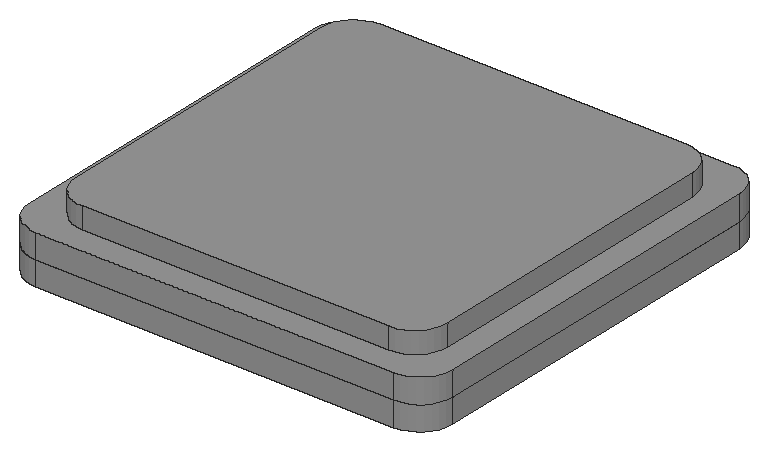
Revit family "FMS2_63_UN_Surface-mounted_ETK", category Lighting Fixtures, Revit 2019 (continued)
Definition of nested family "FMS.2 - Lightsource"
  Types (14, lengths in mm): name | Wattage Comments | Wattage | built-in parameter 1150134 | Photometric Web File | built-in parameter 1150142 | built-in parameter 1150105 | Lumens | built-in parameter 1150107 | built-in parameter 1150106 | Apparent Load
      738\t70.73\t67.599\r\n64.4551\t61.3241\t58.206\t53.8559\t47.3886\t40.9212\t34.4668\t27.9994\t21.5449\t15.0776\r\n8.6193\t2.1596\t0\t0\t0\t0\t0\t0\t0\t0\r\n0\r\n473.6291\t473.2442\t472.8592\t472.4742\t472.0893\t471.7043\t471.3194\t470.9344\t470.5494\t470.1645\r\n469.6512\t469.1379\t468.6246\t468.1114\t467.5981\t466.9565\t466.4432\t465.8016\t465.2883\t464.6467\r\n464.0051\t463.3635\t462.7219\t462.0803\t461.4387\t460.1555\t458.6157\t457.0758\t455.4077\t453.7395\r\n452.1997\t450.5315\t448.8634\t447.1952\t445.527\t443.8589\t442.1907\t440.3942\t438.7261\t436.9296\r\n435.1331\t433.3366\t431.5402\t429.872\t428.0755\t426.279\t424.4826\t422.6861\t420.7613\t418.1949\r\n415.6285\t412.9338\t410.3674\t407.801\t405.2346\t402.6682\t399.9734\t397.407\t394.8406\t392.2742\r\n389.7078\t387.1414\t384.4467\t381.8803\t379.3139\t376.7475\t374.0528\t371.4864\t368.92\t366.3536\r\n363.6589\t360.7075\t357.4995\t354.4198\t351.2118\t348.0038\t344.7958\t341.5878\t338.3798\t335.3002\r\n332.0922\t329.0125\t325.8045\t322.7248\t319.5168\t316.4371\t313.3574\t310.1494\t307.0698\t303.8618\r\n300.6538\t297.5741\t294.2378\t290.7731\t287.4368\t283.9722\t280.6358\t277.1712\t273.8349\t270.3702\r\n266.9056\t263.5693\t260.1046\t256.7683\t253.3037\t249.9674\t246.631\t243.2947\t239.9584\t236.6221\r\n233.2858\t229.9494\t226.3565\t222.7635\t219.2989\t215.7059\t212.113\t208.6483\t205.0554\t201.5907\r\n197.9978\t194.5331\t191.0685\t187.4755\t184.0109\t180.5462\t176.9533\t173.4886\t170.024\t166.5594\r\n163.0947\t159.6301\t156.1654\t152.7008\t149.2362\t145.7715\t142.3069\t138.8422\t135.3776\t131.913\r\n128.4483\t125.0735\t121.6602\t118.2469\t114.8336\t111.4331\t108.0326\t104.6963\t101.5396\t98.3958\r\n95.2648\t92.1338\t89.0156\t85.8846\t82.7792\t79.6611\t76.5557\t73.4504\t70.3579\t67.2653\r\n64.1728\t61.0932\t58.0135\t54.9338\t50.3784\t43.9239\t37.4566\t31.0021\t24.5476\t18.0931\r\n11.6309\t5.1751\t0\t0\t0\t0\t0\t0\t0\t0\r\n0\r\n473.6291\t473.3725\t472.9875\t472.6026\t472.2176\t471.8326\t471.4477\t470.9344\t470.5494\t470.1645\r\n469.6512\t469.1379\t468.4963\t467.983\t467.3414\t466.8282\t466.1866\t465.545\t464.9034\t464.2618\r\n463.6202\t462.9786\t462.337\t461.567\t460.7971\t460.0272\t459.129\t457.4608\t455.7926\t454.1245\r\n452.4563\t450.9165\t449.12\t447.3235\t445.6554\t443.8589\t442.0624\t440.2659\t438.4694\t436.673\r\n434.8765\t433.08\t431.1552\t429.1021\t427.1773\t425.2525\t423.3277\t421.4029\t419.3498\t417.425\r\n415.3718\t413.3187\t410.7523\t408.0576\t405.4912\t402.7965\t400.1018\t397.407\t394.7123\t392.0176\r\n389.3229\t386.6282\t383.9334\t381.2387\t378.6723\t375.9776\t373.1546\t370.4598\t367.7651\t365.0704\r\n362.3757\t359.681\t356.9862\t354.1632\t351.4685\t348.2605\t345.0525\t341.8445\t338.6365\t335.4285\r\n332.2205\t328.8842\t325.6762\t322.4682\t319.2602\t315.9238\t312.7158\t309.5078\t306.1715\t302.9635\r\n299.7555\t296.5475\t293.3395\t290.2598\t287.1802\t283.9722\t280.5075\t277.0429\t273.5782\t270.1136\r\n266.5206\t263.056\t259.5914\t256.255\t252.7904\t249.4541\t245.9894\t242.5248\t239.1885\t235.8522\r\n232.3875\t229.0512\t225.7149\t222.3786\t219.1706\t215.7059\t212.113\t208.52\t204.927\t201.3341\r\n197.7411\t194.1482\t190.5552\t187.0906\t183.4976\t180.033\t176.5683\t172.9754\t169.5107\t166.0461\r\n162.5814\t159.1168\t155.6522\t152.1875\t148.7229\t145.2582\t141.7936\t138.329\t134.8643\t131.3997\r\n127.9607\t124.5474\t121.1341\t117.7336\t114.3331\t110.9583\t107.5835\t104.2215\t100.8595\t97.5489\r\n94.4435\t91.3382\t88.2585\t85.1788\t82.0991\t79.0323\t75.9783\t72.9243\t69.8702\t66.8291\r\n63.7879\t60.7595\t57.7312\t54.7156\t51.7001\t47.3501\t40.8956\t34.4283\t27.9738\t21.5064\r\n15.0519\t8.5974\t2.1404\t0\t0\t0\t0\t0\t0\t0\r\n0\r\n473.6291\t473.3725\t472.9875\t472.6026\t472.2176\t471.8326\t471.4477\t471.0627\t470.6778\t470.1645\r\n469.5229\t469.0096\t468.4963\t467.8547\t467.3414\t466.6998\t466.0582\t465.4166\t464.6467\t464.0051\r\n463.2352\t462.4653\t461.6954\t460.9254\t460.0272\t459.129\t458.2307\t457.3325\t456.4342\t454.7661\r\n452.9696\t451.1731\t449.3766\t447.5802\t445.7837\t443.9872\t442.1907\t440.3942\t438.4694\t436.4163\r\n434.4915\t432.4384\t430.5136\t428.4605\t426.5357\t424.4826\t422.4294\t420.5046\t418.4515\t416.3984\r\n414.217\t412.1638\t409.9824\t407.801\t405.6195\t403.0531\t400.3584\t397.6637\t394.8406\t392.1459\r\n389.4512\t386.7565\t383.8051\t380.9821\t378.159\t375.336\t372.513\t369.6899\t366.9952\t364.1722\r\n361.4774\t358.6544\t355.8314\t353.0083\t350.1853\t347.3622\t344.5392\t341.7162\t338.8931\t335.8134\r\n332.4771\t329.1408\t325.8045\t322.4682\t319.1318\t315.7955\t312.4592\t309.1229\t305.7866\t302.5786\r\n299.2422\t295.9059\t292.6979\t289.3616\t286.1536\t282.8173\t279.6093\t276.273\t273.065\t269.7286\r\n266.3923\t262.9277\t259.3347\t255.8701\t252.4054\t248.9408\t245.4762\t242.0115\t238.6752\t235.2106\r\n231.7459\t228.2813\t224.8166\t221.352\t218.0157\t214.551\t211.2147\t207.8784\t204.5421\t201.0774\r\n197.4845\t194.0198\t190.2986\t186.7056\t183.1126\t179.648\t176.055\t172.4621\t168.8691\t165.4045\r\n161.8115\t158.3469\t154.8822\t151.4176\t147.953\t144.4883\t141.152\t137.6874\t134.2227\t130.7581\r\n127.3319\t123.9315\t120.531\t117.1433\t113.7428\t110.3552\t106.9932\t103.6184\t100.2692\t96.9201\r\n93.5838\t90.2603\t87.1678\t84.1394\t81.1111\t78.0956\t75.0929\t72.0902\t69.1132\t66.149\r\n63.1976\t60.2462\t57.3077\t54.3692\t51.4435\t48.5306\t44.8478\t38.3677\t31.8747\t25.3945\r\n18.9144\t12.4393\t5.9605\t0\t0\t0\t0\t0\t0\t0\r\n0\r\n473.6291\t473.3725\t472.9875\t472.6026\t472.3459\t471.961\t471.576\t471.0627\t470.6778\t470.1645\r\n469.5229\t469.0096\t468.368\t467.8547\t467.2131\t466.5715\t465.9299\t465.16\t464.5184\t463.7485\r\n462.8502\t462.0803\t461.1821\t460.1555\t459.2573\t458.359\t457.4608\t456.4342\t455.4077\t454.2528\r\n453.0979\t451.8147\t450.0182\t448.2218\t446.4253\t444.5005\t442.4474\t440.3942\t438.4694\t436.4163\r\n434.4915\t432.4384\t430.3853\t428.3322\t426.279\t424.2259\t422.0445\t419.863\t417.6816\t415.3718\r\n413.1904\t411.009\t408.6992\t406.5178\t404.208\t402.0266\t399.8451\t397.407\t394.969\t392.6592\r\n389.7078\t386.8848\t383.9334\t381.1104\t378.2874\t375.336\t372.513\t369.5616\t366.6102\t363.6589\r\n360.7075\t357.7562\t354.8048\t351.9818\t349.0304\t346.2074\t343.256\t340.1763\t337.225\t334.2736\r\n331.4506\t328.4992\t325.5478\t322.5965\t319.6451\t316.1805\t312.7158\t309.3795\t305.9149\t302.4502\r\n299.1139\t295.6493\t292.1846\t288.8483\t285.3837\t282.0474\t278.8394\t275.503\t272.0384\t268.7021\r\n265.3658\t262.0294\t258.8214\t255.4851\t252.1488\t248.8125\t245.2195\t241.6266\t238.1619\t234.6973\r\n231.1043\t227.6397\t224.0467\t220.5821\t217.1174\t213.6528\t210.1882\t206.8518\t203.3872\t200.0509\r\n196.5862\t193.2499\t189.9136\t186.5773\t182.9843\t179.3914\t175.7984\t172.0771\t168.4842\t164.8912\r\n161.2982\t157.8336\t154.2406\t150.776\t147.183\t143.7184\t140.2538\t136.7891\t133.3245\t129.9882\r\n126.5364\t123.1102\t119.7097\t116.3221\t112.9473\t109.5724\t106.2233\t102.8741\t99.5378\t96.2143\r\n92.9165\t89.6187\t86.3465\t83.1\t79.9562\t77.0177\t74.092\t71.1791\t68.2791\t65.379\r\n62.4918\t59.6175\t56.7559\t53.8944\t51.0457\t48.2098\t45.3868\t42.5637\t36.2889\t29.7574\r\n23.2388\t16.7201\t10.1937\t3.67\t0\t0\t0\t0\t0\t0\r\n0\r\n473.6291\t473.3725\t472.9875\t472.7309\t472.3459\t471.961\t471.576\t471.191\t470.6778\t470.1645\r\n469.6512\t469.0096\t468.4963\t467.8547\t467.2131\t466.5715\t465.8016\t465.0317\t464.2618\t463.4918\r\n462.5936\t461.567\t460.6688\t459.6422\t458.744\t457.7174\t456.6909\t455.536\t454.3811\t453.0979\r\n451.943\t450.7882\t449.6333\t448.2218\t446.8102\t444.8854\t442.9606\t440.9075\t438.9827\t437.0579\r\n434.8765\t432.8234\t430.6419\t428.4605\t426.279\t424.0976\t421.9162\t419.6064\t417.2966\t414.9869\r\n412.6771\t410.3674\t408.0576\t405.7478\t403.3098\t400.8717\t398.4336\t395.9955\t393.4291\t390.991\r\n388.553\t386.1149\t383.6768\t381.1104\t378.4157\t375.721\t372.7696\t369.6899\t366.7386\t363.7872\r\n360.8358\t357.7562\t354.5482\t351.4685\t348.5171\t345.4374\t342.3578\t339.2781\t336.1984\t333.1187\r\n330.039\t326.9594\t323.8797\t320.8\t317.7203\t314.6406\t311.561\t308.6096\t305.5299\t302.4502\r\n299.3706\t296.0342\t292.4413\t289.105\t285.6403\t282.1757\t278.711\t275.1181\t271.6534\t268.1888\r\n264.7242\t261.2595\t257.7949\t254.4586\t250.9939\t247.5293\t244.193\t240.8566\t237.392\t234.0557\r\n230.7194\t227.383\t223.9184\t220.3254\t216.7325\t213.1395\t209.5466\t206.0819\t202.6173\t199.1526\r\n195.5597\t192.2234\t188.7587\t185.2941\t181.8294\t178.3648\t174.9002\t171.5638\t168.2275\t164.7629\r\n161.1699\t157.577\t153.984\t150.391\t146.7981\t143.3334\t139.7405\t136.2758\t132.6829\t129.2182\r\n125.8049\t122.3916\t119.004\t115.6163\t112.2287\t108.8539\t105.5047\t102.1684\t98.8706\t95.5856\r\n92.3262\t89.0797\t85.8461\t82.6381\t79.4301\t76.2606\t73.0911\t70.1269\t67.291\t64.468\r\n61.6578\t58.8604\t56.0758\t53.3041\t50.5581\t47.812\t45.066\t42.3456\t39.6252\t34.7619\r\n28.1534\t21.5321\t14.9236\t8.301\t1.6836\t0\t0\t0\t0\t0\r\n0\r\n473.6291\t473.3725\t473.1158\t472.7309\t472.4742\t472.0893\t471.7043\t471.3194\t470.8061\t470.1645\r\n469.6512\t469.1379\t468.4963\t467.8547\t467.2131\t466.4432\t465.8016\t464.9034\t464.1334\t463.2352\r\n462.2086\t461.3104\t460.2838\t459.3856\t458.2307\t457.2042\t456.0493\t454.7661\t453.4829\t452.328\r\n451.1731\t449.7616\t448.2218\t446.8102\t445.3987\t443.9872\t442.5757\t441.1642\t439.496\t437.8278\r\n435.6464\t433.465\t431.2835\t429.1021\t426.9206\t424.4826\t422.1728\t419.7347\t417.425\t415.1152\r\n412.6771\t410.3674\t407.801\t405.3629\t402.7965\t400.3584\t397.792\t395.2256\t392.7875\t390.0928\r\n387.3981\t384.7034\t382.137\t379.4422\t376.8758\t374.3094\t371.6147\t368.7917\t365.9686\t363.2739\r\n360.5792\t357.8845\t355.0614\t351.9818\t348.7738\t345.5658\t342.2294\t339.0214\t335.8134\t332.7338\r\n329.5258\t326.3178\t323.1098\t319.9018\t316.5654\t313.3574\t310.1494\t307.0698\t303.8618\t300.6538\r\n297.4458\t294.2378\t291.1581\t287.9501\t284.7421\t281.5341\t278.4544\t275.2464\t272.1667\t268.5738\r\n264.9808\t261.5162\t257.9232\t254.4586\t250.8656\t247.2726\t243.6797\t240.215\t236.6221\t233.1574\r\n229.6928\t226.2282\t222.8918\t219.4272\t215.9626\t212.4979\t209.0333\t205.697\t202.3606\t198.7677\r\n195.0464\t191.4534\t187.8605\t184.3958\t180.8029\t177.3382\t173.8736\t170.2806\t166.816\t163.3514\r\n160.015\t156.5504\t153.2141\t149.8778\t146.5414\t142.9485\t139.3555\t135.8909\t132.2979\t128.705\r\n125.2403\t121.7628\t118.2982\t114.8464\t111.4203\t108.0198\t104.645\t101.3215\t98.0493\t94.8028\r\n91.582\t88.3868\t85.1788\t82.0093\t78.8526\t75.7345\t72.642\t69.5623\t66.5083\t63.4671\r\n60.6184\t57.8723\t55.1648\t52.47\t49.7882\t47.1319\t44.5014\t41.8708\t39.2531\t36.6482\r\n33.7353\t26.9729\t20.2232\t13.4608\t6.6996\t0\t0\t0\t0\t0\r\n0\r\n473.6291\t473.3725\t473.1158\t472.8592\t472.4742\t472.2176\t471.8326\t471.4477\t470.8061\t470.2928\r\n469.7795\t469.2662\t468.6246\t467.983\t467.3414\t466.5715\t465.8016\t464.9034\t464.0051\t463.1069\r\n462.0803\t461.0538\t460.1555\t459.0006\t457.9741\t456.6909\t455.4077\t454.1245\t452.9696\t451.6864\r\n450.1466\t448.735\t447.1952\t445.7837\t444.3722\t442.8323\t441.2925\t439.6243\t437.8278\t436.1597\r\n434.4915\t432.8234\t431.0269\t429.1021\t427.1773\t425.2525\t423.071\t420.633\t418.3232\t415.8851\r\n413.3187\t410.8806\t408.3142\t405.7478\t403.1814\t400.615\t397.9203\t395.0973\t392.4026\t389.7078\r\n387.1414\t384.3184\t381.6237\t378.929\t376.1059\t373.2829\t370.4598\t367.7651\t364.8138\t361.9907\r\n359.0394\t356.088\t353.1366\t350.1853\t347.3622\t344.4109\t341.4595\t338.5082\t335.4285\t332.4771\r\n329.5258\t326.5744\t323.3664\t319.9018\t316.6938\t313.3574\t310.0211\t306.6848\t303.3485\t299.8838\r\n296.5475\t293.2112\t289.8749\t286.6669\t283.2022\t279.8659\t276.6579\t273.3216\t270.1136\t266.649\r\n263.3126\t260.1046\t256.8966\t253.6886\t250.3523\t247.2726\t243.9363\t240.6\t237.1354\t233.5424\r\n229.8211\t226.2282\t222.6352\t218.9139\t215.321\t211.8563\t208.2634\t204.6704\t201.0774\t197.6128\r\n194.0198\t190.5552\t187.0906\t183.7542\t180.2896\t176.6966\t173.232\t169.639\t166.0461\t162.4531\r\n158.9885\t155.5238\t152.0592\t148.5946\t145.1299\t141.6653\t138.329\t134.8643\t131.528\t128.1788\r\n124.7912\t121.4036\t117.7978\t114.3331\t110.9198\t107.5193\t104.1317\t100.7569\t97.4077\t94.0842\r\n90.7992\t87.5399\t84.3191\t81.1496\t78.0442\t74.9517\t71.8849\t68.8565\t65.841\t62.864\r\n59.9254\t57.0254\t54.1639\t51.4435\t48.8643\t46.3107\t43.77\t41.242\t38.7398\t36.2504\r\n33.7738\t31.2972\t26.4596\t19.4405\t12.4111\t5.3817\t0\t0\t0\t0\r\n0\r\n473.6291\t473.3725\t473.1158\t472.8592\t472.6026\t472.3459\t471.961\t471.4477\t470.9344\t470.4211\r\n469.9078\t469.3946\t468.753\t468.1114\t467.4698\t466.6998\t465.8016\t465.0317\t464.0051\t463.1069\r\n462.0803\t461.0538\t460.0272\t459.0006\t457.7174\t456.4342\t455.151\t453.8678\t452.5846\t451.0448\r\n449.6333\t448.0934\t446.6819\t445.1421\t443.6022\t441.9341\t440.1376\t438.4694\t436.8013\t435.0048\r\n433.2083\t431.2835\t429.3587\t427.4339\t425.3808\t423.456\t421.4029\t419.4781\t417.2966\t415.2435\r\n413.0621\t410.8806\t408.6992\t406.3894\t404.0797\t401.385\t398.6902\t395.9955\t393.3008\t390.4778\r\n387.6547\t384.8317\t382.137\t379.3139\t376.4909\t373.5395\t370.5882\t367.6368\t364.5571\t361.6058\r\n358.6544\t355.703\t352.6234\t349.5437\t346.464\t343.256\t340.1763\t337.225\t334.017\t330.9373\r\n327.8576\t324.7779\t321.6982\t318.4902\t315.4106\t312.0742\t308.8662\t305.6582\t302.5786\t299.4989\r\n296.2909\t292.9546\t289.8749\t286.6669\t283.3306\t279.7376\t276.273\t272.9366\t269.472\t266.0074\r\n262.5427\t259.0781\t255.6134\t252.1488\t248.8125\t245.3478\t241.8832\t238.4186\t234.9539\t231.6176\r\n228.2813\t224.945\t221.4803\t218.144\t214.8077\t211.4714\t208.135\t204.7987\t201.4624\t198.1261\r\n194.4048\t190.6835\t186.9622\t183.3693\t179.648\t176.1834\t172.5904\t168.9974\t165.4045\t161.9398\r\n158.2186\t154.6256\t151.161\t147.6963\t144.36\t140.8954\t137.559\t133.9661\t130.3731\t126.9341\r\n123.4695\t119.992\t116.5402\t113.1269\t109.8548\t106.6211\t103.4516\t100.2821\t97.1511\t93.7506\r\n90.3629\t86.9881\t83.6903\t80.4438\t77.2358\t74.092\t70.9995\t67.9711\t65.0069\t62.094\r\n59.2197\t56.3838\t53.5864\t50.8147\t48.0815\t45.3868\t42.7691\t40.331\t37.9314\t35.5575\r\n33.2092\t30.8866\t28.564\t26.2671\t19.2993\t11.8029\t4.2987\t0\t0\t0\r\n0\r\n473.6291\t473.5008\t473.2442\t472.9875\t472.7309\t472.4742\t472.0893\t471.7043\t471.191\t470.6778\r\n470.1645\t469.5229\t469.0096\t468.368\t467.5981\t466.8282\t466.0582\t465.16\t464.1334\t463.2352\r\n462.2086\t461.1821\t460.1555\t459.0006\t457.7174\t456.3059\t455.0227\t453.8678\t452.328\t450.9165\r\n449.3766\t447.8368\t446.297\t444.7571\t443.089\t441.4208\t439.6243\t437.8278\t436.0314\t434.2349\r\n432.3101\t430.257\t428.3322\t426.279\t424.2259\t422.1728\t420.1197\t417.9382\t415.7568\t413.447\r\n411.2656\t408.9558\t406.6461\t404.208\t401.7699\t399.3318\t397.0221\t394.4557\t391.8893\t389.4512\r\n386.8848\t384.4467\t381.8803\t379.1856\t376.4909\t373.7962\t370.9731\t368.2784\t365.712\t362.889\r\n359.681\t356.6013\t353.3933\t350.1853\t346.9773\t343.8976\t340.6896\t337.4816\t334.2736\t331.1939\r\n327.9859\t324.7779\t321.4416\t318.1053\t314.769\t311.561\t308.353\t305.0166\t301.6803\t298.344\r\n295.0077\t291.6714\t288.335\t284.9987\t281.6624\t278.3261\t274.9898\t271.6534\t268.3171\t264.9808\r\n261.7728\t258.3082\t254.8435\t251.3789\t248.0426\t244.7062\t241.4982\t238.1619\t234.6973\t231.1043\r\n227.6397\t224.3034\t220.7104\t217.1174\t213.5245\t209.9315\t206.3386\t202.8739\t199.5376\t195.9446\r\n192.48\t189.0154\t185.5507\t182.0861\t178.4931\t175.0285\t171.5638\t168.2275\t164.8912\t161.5549\r\n158.2186\t154.8822\t151.4176\t147.6963\t143.8467\t140.1254\t136.6608\t133.1962\t129.7315\t126.1771\r\n122.6483\t119.1195\t115.6676\t112.2928\t108.9565\t105.633\t102.2967\t98.8834\t95.4957\t92.1466\r\n88.8359\t85.6151\t82.4713\t79.3659\t76.2862\t73.2579\t70.191\t67.1242\t64.1087\t61.1573\r\n58.2701\t55.4599\t52.6882\t49.9806\t47.3116\t44.681\t42.1146\t39.5867\t37.1101\t34.6977\r\n32.4136\t30.1809\t27.9994\t25.8308\t23.7007\t20.1847\t11.8106\t3.4133\t0\t0\r\n0\r\n473.6291\t473.5008\t473.2442\t473.1158\t472.8592\t472.6026\t472.3459\t471.8326\t471.3194\t470.8061\r\n470.4211\t469.7795\t469.2662\t468.6246\t467.8547\t467.0848\t466.3149\t465.4166\t464.3901\t463.4918\r\n462.4653\t461.4387\t460.4122\t459.2573\t457.8458\t456.5626\t455.2794\t453.8678\t452.4563\t450.9165\r\n449.505\t447.9651\t446.4253\t444.7571\t442.9606\t441.2925\t439.496\t437.6995\t435.903\t433.9782\r\n431.9251\t429.872\t427.9472\t425.8941\t423.7126\t421.5312\t419.4781\t417.2966\t414.8586\t412.5488\r\n410.239\t407.9293\t405.4912\t403.0531\t400.615\t398.177\t395.4822\t392.9158\t390.3494\t387.9114\r\n385.2166\t382.6502\t379.8272\t377.0042\t374.3094\t371.4864\t368.7917\t365.9686\t363.1456\t360.3226\r\n357.3712\t354.2915\t351.3402\t348.3888\t345.4374\t342.4861\t339.5347\t336.5834\t333.632\t330.5523\r\n327.3443\t324.2646\t321.185\t318.1053\t315.0256\t311.8176\t308.7379\t305.5299\t302.3219\t299.2422\r\n296.0342\t292.6979\t289.105\t285.7686\t282.304\t278.9677\t275.503\t272.0384\t268.7021\t265.1091\r\n261.6445\t258.1798\t254.7152\t251.2506\t247.7859\t244.193\t240.6\t237.1354\t233.6707\t230.2061\r\n226.6131\t223.0202\t219.5555\t215.9626\t212.6262\t209.1616\t205.5686\t202.104\t198.6394\t195.0464\r\n191.5818\t188.1171\t184.5242\t181.0595\t177.5949\t174.1302\t170.6656\t167.201\t163.7363\t160.2717\r\n156.6787\t153.0858\t149.4928\t145.8998\t142.3069\t138.8422\t135.3776\t131.913\t128.4483\t125.0607\r\n121.6602\t118.2725\t114.8977\t111.5486\t108.3277\t105.1197\t101.9374\t98.6011\t95.1108\t91.6461\r\n88.22\t84.8708\t81.573\t78.3779\t75.2468\t72.18\t69.2286\t66.2644\t63.2361\t60.2847\r\n57.3975\t54.5873\t51.8798\t49.2236\t46.5417\t43.8469\t41.2292\t38.6885\t36.2247\t33.838\r\n31.5539\t29.3468\t27.191\t25.1122\t23.1618\t21.2498\t19.3892\t13.1913\t2.7255\t0\r\n0\r\n473.6291\t473.5008\t473.3725\t473.1158\t472.9875\t472.7309\t472.4742\t471.961\t471.576\t471.0627\r\n470.6778\t470.1645\t469.6512\t468.8813\t468.2397\t467.4698\t466.6998\t465.8016\t464.9034\t463.8768\r\n462.8502\t461.952\t460.9254\t459.6422\t458.2307\t456.9475\t455.7926\t454.2528\t452.8413\t451.4298\r\n449.8899\t448.3501\t446.810
      2\t445.1421\t443.3456\t441.6774\t439.881\t438.0845\t436.1597\t434.2349\r\n432.1818\t430.257\t428.2038\t426.0224\t423.841\t421.6595\t419.6064\t417.2966\t414.8586\t412.5488\r\n410.239\t407.801\t405.3629\t402.9248\t400.4867\t397.792\t395.0973\t392.5309\t390.0928\t387.3981\r\n384.8317\t382.0086\t379.0573\t376.3626\t373.5395\t370.7165\t367.8934\t365.0704\t362.119\t359.1677\r\n356.2163\t353.1366\t350.057\t347.1056\t344.0259\t341.0746\t338.1232\t335.0435\t331.9638\t328.7558\r\n325.5478\t322.3398\t319.2602\t316.0522\t312.8442\t309.6362\t306.4282\t303.0918\t299.8838\t296.5475\r\n293.2112\t290.0032\t286.6669\t283.4589\t280.1226\t276.7862\t273.5782\t270.2419\t266.7773\t263.441\r\n260.1046\t256.7683\t253.3037\t249.9674\t246.5027\t243.1664\t239.7018\t236.2371\t232.7725\t229.3078\r\n225.9715\t222.5069\t219.0422\t215.7059\t212.2413\t208.7766\t205.312\t201.719\t198.3827\t194.9181\r\n191.3251\t187.8605\t184.5242\t181.1878\t177.7232\t174.2586\t170.6656\t167.0726\t163.608\t160.1434\r\n156.5504\t153.0858\t149.3645\t145.6432\t142.0502\t138.329\t134.8643\t131.3997\t127.8324\t124.2266\r\n120.7748\t117.3486\t113.8583\t110.3552\t106.9291\t103.5286\t100.1794\t96.8688\t93.5453\t90.2603\r\n87.001\t83.7801\t80.6106\t77.5181\t74.3229\t71.2176\t68.1379\t65.1224\t62.1454\t59.2967\r\n56.5121\t53.7789\t51.1099\t48.4665\t45.6819\t42.9744\t40.3566\t37.8159\t35.3778\t33.0296\r\n30.784\t28.6667\t26.5494\t24.368\t22.3277\t20.5055\t18.8374\t17.49\t16.3865\t2.3149\r\n0" | 89.127 (stored number, unit not read) | 1120 lm | 3000 (stored number, unit not read) | 0.89127 (stored number, unit not read) | 18 VA
